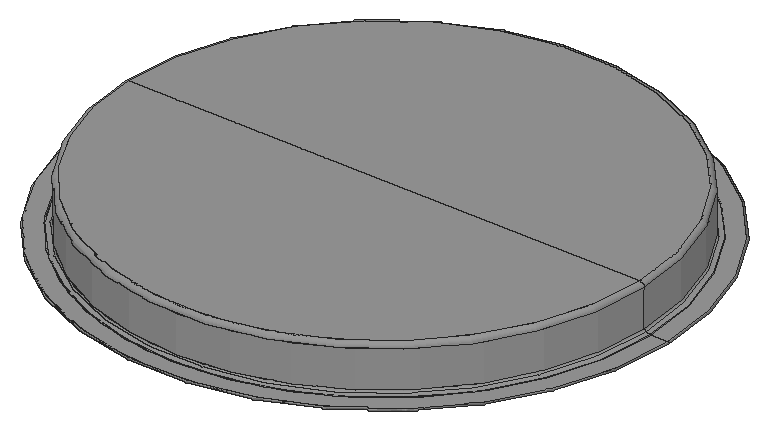
Revit family "MIA13_63_UN_Downlighter_ETK", category Lighting Fixtures, Revit 2017 (continued)
Definition of nested family "MIA.13 - Lightsource"
  Types (8, lengths in mm): name | Wattage | built-in parameter 1150134 | Photometric Web File | built-in parameter 1150142 | built-in parameter 1150105 | Lumens | built-in parameter 1150107 | built-in parameter 1150106
    MIA.1360.15 - Ø240 / 18W / 1980lm / 4000K | 13.3296 W | 12 | "MIA.1360.15_LDT.ies" | "IESNA91\r\n[MANUFAC]  www.etk.nl\r\n[LUMCAT] MIA.1360.15\r\n[LUMINAIRE] MIA.1 LED 18W 4000K ø240 1800Lm mat wit  \r\n[LAMP] LED\r\n[CHANGED] this file converted to 'ies' from 'ldt' by IES Viewer v2.99n    (C) Andrey Legotin\r\nTILT=NONE\r\n1 1890 1.89 101 36 1 2 0 -0.22 0\r\n1 1 18\r\n0 0.9 1.8 2.7 3.6 4.5 5.4 6.3 7.2 8.1 9 9.9 10.8 11.7 12.6 \r\n13.5 14.4 15.3 16.2 17.1 18 18.9 19.8 20.7 21.6 22.5 23.4 \r\n24.3 25.2 26.1 27 27.9 28.8 29.7 30.6 31.5 32.4 33.3 34.2 \r\n35.1 36 36.9 37.8 38.7 39.6 40.5 41.4 42.3 43.2 44.1 45 \r\n45.9 46.8 47.7 48.6 49.5 50.4 51.3 52.2 53.1 54 54.9 55.8 \r\n56.7 57.6 58.5 59.4 60.3 61.2 62.1 63 63.9 64.8 65.7 66.6 \r\n67.5 68.4 69.3 70.2 71.1 72 72.9 73.8 74.7 75.6 76.5 77.4 \r\n78.3 79.2 80.1 81 81.9 82.8 83.7 84.6 85.5 86.4 87.3 88.2 \r\n89.1 90 \r\n0 10 20 30 40 50 60 70 80 90 100 110 120 130 140 150 160 \r\n170 180 190 200 210 220 230 240 250 260 270 280 290 300 310 \r\n320 330 340 350 \r\n345.652 343.7612 343.769 344.0738 344.5113 345.0035 \r\n345.0035 344.3316 343.4409 342.183 340.386 338.5968 336.956 \r\n335.3543 334.073 333.2682 332.7135 331.8306 330.2992 \r\n328.7132 326.7287 324.3535 321.9236 318.9312 315.7669 \r\n313.087 311.0712 309.3835 307.6178 305.6333 303.6565 \r\n300.7813 297.492 294.0386 290.1711 286.1239 282.4674 \r\n279.4203 276.5997 273.7636 270.8884 268.0131 264.4113 \r\n260.5594 256.4575 251.8869 247.0271 242.3939 238.2295 \r\n234.1667 230.268 226.6427 223.0252 218.9312 214.6808 \r\n210.3133 205.7661 201.0938 196.2419 190.7571 185.2723 \r\n180.2953 175.7325 171.2243 166.8802 162.6143 158.0123 \r\n152.7932 147.2146 141.5501 135.5497 129.5414 123.8222 \r\n118.2436 112.8369 107.9069 103.3049 98.4374 92.976 87.2803 \r\n81.5689 75.8184 70.0602 64.841 59.8719 54.8949 49.7461 \r\n44.4566 39.1906 34.0417 28.9085 23.7675 18.6343 13.5011 \r\n9.7117 6.6568 3.6487 0.6407 0 0 0 \r\n345.652 344.4644 343.394 342.808 342.9018 343.269 343.4331 \r\n343.3315 343.0815 342.3236 341.0266 339.7062 337.4951 \r\n335.1746 333.2526 331.7837 330.5414 329.4867 328.7444 \r\n327.9084 326.3458 324.2675 322.0486 319.1343 316.0169 \r\n312.9541 309.9461 307.0552 304.6097 303.0002 301.3907 \r\n298.914 296.1872 293.2338 289.8195 286.1942 283.0143 \r\n280.4516 278.0373 275.6231 273.2088 268.3178 263.1299 \r\n258.4343 254.5199 250.9259 247.0193 242.6205 238.0342 \r\n233.4479 228.9007 224.3535 220.025 215.8919 211.7978 \r\n207.5475 203.1956 198.8046 194.3355 189.8039 185.1473 \r\n179.5453 173.9511 168.6225 163.4893 158.4499 153.5198 \r\n148.6991 143.8862 139.0812 134.2839 129.1898 123.369 \r\n117.4623 111.6259 105.852 100.2266 95.0152 90.2492 85.4051 \r\n79.9437 74.373 68.8413 63.3487 57.8717 52.8244 48.1366 \r\n43.3628 38.2999 32.9479 27.5959 22.4627 17.3217 12.8916 \r\n9.1413 5.7583 3.7034 3.1721 2.6486 2.1252 1.5939 \r\n345.652 345.8395 345.9723 345.9958 345.2692 344.191 \r\n342.9409 341.4173 339.8 338.5264 338.3077 338.0967 337.6201 \r\n337.0341 336.2372 334.8621 333.0963 331.0727 328.4632 \r\n325.7051 323.2206 321.361 319.5093 317.9702 316.5638 \r\n314.9699 312.9073 310.493 307.9381 304.8676 301.7423 \r\n298.328 294.6246 290.8821 288.1084 285.8348 283.4675 \r\n280.9048 278.178 275.2559 271.2009 267.1537 262.7549 \r\n258.0983 253.4651 249.371 245.6754 242.0658 238.6749 235.37 \r\n231.8775 227.4865 223.0877 218.3139 213.3135 208.3288 \r\n203.5784 199.0624 194.5777 190.1867 185.8192 181.2954 \r\n176.4825 171.6384 166.3646 160.8094 155.3246 150.1133 \r\n145.1598 140.175 134.8777 129.557 124.2519 118.9702 \r\n113.6886 108.5554 103.5472 98.3671 92.7651 86.8193 80.9126 \r\n75.6465 70.3805 65.3645 60.5907 55.8403 50.793 45.4332 \r\n40.0891 34.823 29.5961 24.4316 19.525 14.6418 10.5946 \r\n7.2193 4.0706 0.9141 0 0 0 \r\n345.652 344.4488 344.6754 345.0738 344.9957 344.48 343.6909 \r\n342.4408 340.5422 338.7061 337.417 336.3622 335.4793 \r\n335.0496 334.7449 333.8855 332.4713 330.7915 328.6663 \r\n325.9395 323.2049 320.7751 318.3842 316.306 314.6886 \r\n313.2667 311.454 309.1413 306.6802 303.7737 300.3985 \r\n297.0232 293.5151 289.9914 286.7724 283.9362 281.2642 \r\n278.4514 275.42 272.3494 269.0523 265.5911 261.9502 \r\n257.3639 252.5041 248.0428 244.0503 240.2922 236.7138 \r\n233.4948 230.268 226.088 221.6111 216.8998 211.6962 \r\n206.2817 201.2735 196.8435 192.5463 188.2491 183.9519 \r\n179.6468 174.7246 169.6383 164.38 158.8562 153.1995 147.785 \r\n142.8783 137.9952 133.0885 128.135 123.1815 117.9389 \r\n112.6182 107.3521 102.172 97.0154 91.6712 85.8348 80.0063 \r\n74.5293 69.2476 64.0128 58.8874 53.8089 48.8866 44.1831 \r\n39.55 34.7136 29.3617 24.0097 19.1343 14.4621 10.3211 \r\n7.4068 5.266 3.6722 3.219 3.0002 2.7893 \r\n345.652 343.8941 342.7377 342.0111 341.9564 342.1674 \r\n342.3236 342.3939 342.3392 341.7689 340.5344 339.2921 \r\n337.1357 334.823 332.8385 331.2915 329.9789 328.8069 \r\n327.9084 326.963 325.6114 323.9081 322.072 319.1577 \r\n315.9387 312.8526 309.9305 307.1412 304.7269 303.1487 \r\n301.5704 299.0937 296.2731 293.2651 289.8039 286.1317 \r\n282.4674 278.7874 275.1543 271.7712 268.8726 265.9739 \r\n262.5908 259.0593 255.2856 251.0821 246.6286 242.2142 \r\n237.878 233.5573 229.3617 225.3379 221.3142 217.3217 \r\n213.3292 209.2117 204.891 200.4219 195.7028 190.1633 \r\n184.6316 179.3734 174.3027 169.3648 165.1457 161.2782 \r\n157.0045 152.0431 146.7146 141.3079 135.6747 130.0492 \r\n124.4082 118.7749 113.3292 108.485 104.0472 99.3437 94.0542 \r\n88.5772 83.1393 77.7873 72.4353 67.3178 62.333 57.3404 \r\n52.2853 47.1677 42.097 37.1904 32.2994 27.674 23.3378 \r\n19.0327 14.7746 10.5399 6.3052 2.0705 0 0 0 \r\n345.652 345.6051 344.4175 343.0893 342.0423 341.222 \r\n340.5813 340.2766 340.4016 340.4407 339.7922 338.9249 \r\n337.792 336.1356 334.3464 332.2447 329.8695 327.6037 \r\n325.8301 324.6504 323.4784 322.1345 320.7751 318.9468 \r\n316.5169 313.8605 310.7821 307.1959 303.7034 300.6329 \r\n297.9373 295.2965 293.2651 291.3196 288.8351 285.7958 \r\n282.4518 278.7483 274.4824 270.2711 266.4739 262.919 \r\n259.4031 256.0513 252.7385 249.2382 245.527 241.722 237.792 \r\n233.6433 229.4945 224.5097 219.3374 214.3839 209.907 \r\n205.6411 201.3126 196.906 192.4916 188.1006 183.7409 \r\n179.3734 173.9277 168.2788 162.7471 157.3795 152.0978 \r\n147.1677 142.9252 138.6358 133.8933 128.7288 123.5331 \r\n118.0717 112.5322 107.2115 102.172 97.242 92.2181 86.9599 \r\n81.7017 76.3966 71.0759 65.7864 60.5829 55.434 50.5586 \r\n46.1052 41.7689 37.2607 32.3697 27.4787 22.7518 18.0717 \r\n13.837 10.4618 7.61 5.3598 4.3597 3.555 2.7502 \r\n345.652 344.0894 344.4097 344.9098 344.7613 344.3003 \r\n343.5268 342.2455 340.6672 339.0968 337.5654 336.0263 \r\n335.2606 334.9168 334.5418 333.6667 332.4635 331.0102 \r\n329.0257 326.8302 324.5019 321.7751 319.0562 316.8216 \r\n314.8215 312.8916 311.0009 309.1492 307.0865 304.305 \r\n301.4142 298.3671 295.1168 291.8353 288.3897 284.8504 \r\n281.4829 278.4593 275.7169 272.9432 269.9117 266.8802 \r\n263.2471 259.1218 254.8402 250.3242 245.6208 241.1829 \r\n237.3935 233.987 230.518 226.713 222.908 218.7124 214.2433 \r\n209.5867 204.5082 199.0312 193.7183 188.9757 184.4285 \r\n179.9281 175.5293 171.1306 166.3333 161.2548 156.1919 \r\n151.3087 146.613 141.8001 136.0341 130.1274 124.5332 \r\n119.3453 114.2746 109.1804 104.0628 99.0155 94.1402 89.4289 \r\n84.7019 79.3499 73.998 68.7163 63.5128 58.3874 53.6683 \r\n49.4179 45.1051 40.5657 35.8778 31.1977 26.4943 21.7908 \r\n17.6264 13.9386 10.4149 6.8834 3.3596 0 0 \r\n345.652 344.6519 344.7613 345.0113 344.5504 343.6987 \r\n342.6127 341.0891 339.2453 337.5576 336.8466 336.1434 \r\n335.5731 335.1121 334.6043 333.487 331.9087 330.0805 \r\n327.674 324.9473 322.283 319.9625 317.642 315.7747 314.212 \r\n312.626 310.7118 308.485 306.0708 302.9924 299.7109 \r\n296.3669 292.8823 289.3898 286.2255 283.2721 280.3813 \r\n277.5217 274.6933 271.8181 268.5288 265.1926 261.3642 \r\n256.9419 252.3635 247.8866 243.4878 239.3234 235.7606 \r\n232.6901 229.5648 225.2051 220.8454 216.1184 211.0634 \r\n205.8911 200.9063 196.1638 191.4837 186.8818 182.3971 \r\n177.9123 173.1698 168.3882 163.6222 158.903 154.1917 \r\n149.1523 143.4643 137.7998 132.3619 127.1349 121.9314 \r\n116.9857 112.1025 107.2896 102.5783 97.8592 92.851 87.1865 \r\n81.522 76.0841 70.7321 65.7864 62.2158 59.2703 56.3247 \r\n52.5432 46.8943 40.6672 34.5261 29.8539 25.1895 21.0016 \r\n17.2435 13.6573 10.3211 7.2584 4.1956 1.1329 0 \r\n345.652 343.0268 342.2142 341.7845 341.9798 342.4799 \r\n342.683 342.4564 341.9877 341.2063 339.6672 338.128 \r\n336.0653 333.8151 331.8462 330.5883 329.7836 328.9241 \r\n327.9319 326.8693 325.4082 323.2049 321.0095 318.1264 \r\n315.0012 312.04 309.4304 307.0474 304.7504 302.7502 \r\n300.7579 298.3514 295.609 292.8041 289.6789 286.3974 \r\n282.8737 278.9124 274.7402 270.7712 267.6459 264.5207 \r\n261.2392 257.8717 254.4418 250.8243 247.0818 243.0737 \r\n238.4796 233.6823 229.0023 224.7676 220.5329 216.7122 \r\n213.1026 209.3054 204.9301 200.0781 195.1559 190.007 \r\n184.8191 179.7953 175.0059 170.2399 165.4582 160.661 \r\n155.8403 150.9493 146.0036 140.9798 135.2606 129.5414 \r\n124.2128 119.2359 114.3292 109.2507 104.0316 98.8437 \r\n93.7261 88.6397 83.444 77.4748 71.4978 65.5207 60.7938 \r\n56.7701 52.8244 48.8632 44.8863 40.886 36.8232 32.5572 \r\n28.2913 24.1191 19.9937 16.0091 12.376 9.0398 5.6958 2.3517 \r\n0 \r\n345.652 347.9803 348.6757 349.1679 349.1523 348.6835 \r\n347.9412 346.7224 344.8629 343.0971 342.058 341.261 \r\n340.5891 340.1985 339.8937 339.0968 337.8311 336.3466 \r\n334.4636 332.0806 329.6976 327.0802 324.4472 322.2596 \r\n320.7047 319.4 317.7045 315.4934 313.1963 310.6415 307.8287 \r\n304.9535 301.1407 297.2185 293.7573 290.8274 288.1475 \r\n285.5457 283.069 280.4985 277.1779 273.4042 269.4976 \r\n264.9895 260.3172 256.0747 252.3088 248.7304 245.1598 \r\n241.6361 238.1124 233.8776 229.4789 224.8848 219.9156 \r\n214.7824 209.8289 205.141 200.5313 196.0466 191.7494 \r\n187.4443 182.694 177.8498 173.0213 168.2085 163.4112 \r\n158.3014 152.5588 146.8474 141.4876 136.4872 131.5103 \r\n126.9396 122.4861 117.6811 112.415 106.899 101.336 95.6403 \r\n89.9523 84.6394 79.4906 74.4902 69.9664 65.6614 61.1532 \r\n56.3169 51.379 46.4724 41.6439 36.8154 32.7291 28.8773 \r\n25.0332 21.0954 17.1029 13.1182 9.1257 5.1332 1.1407 \r\n345.652 347.1756 346.3396 345.6598 345.5192 345.5817 \r\n345.6911 345.863 345.9411 345.6208 344.5582 343.4956 \r\n342.0111 340.2297 338.378 336.5185 334.6668 332.9323 \r\n331.565 330.5727 329.5882 328.01 326.4005 324.2988 321.6267 \r\n318.7358 315.6418 312.2978 309.1492 306.7271 304.9066 \r\n303.0237 300.6876 298.2889 295.4293 292.0931 288.5069 \r\n284.6238 280.2953 276.0528 272.4979 269.2788 266.0833 \r\n262.9346 259.8094 256.3013 252.3947 248.3553 244.2535 \r\n240.0422 235.8387 230.9555 225.9552 221.2204 216.9466 \r\n212.8604 208.8679 204.9848 201.0079 196.5544 191.5384 \r\n186.5146 180.9594 175.3262 169.8492 164.591 159.4578 \r\n154.6449 150.4414 146.1599 141.3392 136.0497 130.7133 \r\n125.0879 119.3843 113.9386 108.8366 103.8831 98.9062 93.898 \r\n88.8819 83.7253 78.5139 73.4354 68.7866 64.3332 59.6453 \r\n54.6136 49.5195 44.6207 40.1047 35.5887 31.1665 26.7755 \r\n22.5955 18.8296 15.3059 11.8369 8.4772 5.141 1.797 \r\n345.652 346.3005 347.2224 348.1053 348.285 348.1288 347.66 \r\n346.6521 345.3473 343.9409 342.1752 340.4094 339.5031 \r\n339.0343 338.6046 337.9639 337.1904 336.0809 334.2292 \r\n332.1197 329.7914 326.8849 323.9784 321.5876 319.439 \r\n317.4857 315.8762 314.5246 312.9073 310.3524 307.6568 \r\n304.516 300.836 297.0935 293.6323 290.3117 287.1709 \r\n284.3503 281.772 279.0843 275.7481 272.4041 268.8882 \r\n265.2395 261.4814 257.1451 252.3791 247.8162 243.73 \r\n239.8859 236.0341 232.0728 228.1116 224.1347 220.1422 \r\n215.97 211.2118 205.9067 200.6407 195.5387 190.4993 \r\n185.8192 181.8658 177.9983 173.4432 168.4507 163.3018 \r\n157.9577 152.4338 146.9646 141.933 136.956 131.9009 \r\n126.7521 121.5876 116.4622 111.3681 106.2114 100.8751 \r\n95.4059 89.9602 85.1004 80.2485 75.2715 70.2008 65.1223 \r\n60.1844 55.395 50.6836 46.2536 41.9798 37.6201 32.9323 \r\n28.1975 23.6581 19.2828 14.9465 10.618 6.2896 1.9533 0 \r\n345.652 345.4332 345.3004 345.1754 345.3785 345.8083 \r\n346.1599 346.0974 345.5817 344.941 343.3784 341.6126 \r\n339.7609 337.7608 335.7294 334.4714 333.9011 333.2839 \r\n332.3072 330.9868 329.6586 327.3381 325.002 322.408 \r\n319.5406 316.5872 313.962 311.7275 309.5164 307.4146 \r\n305.4067 303.3206 300.6954 297.9998 294.7183 290.8821 \r\n286.8583 282.9752 279.2953 275.67 272.5135 269.5757 \r\n266.5833 263.4346 260.2469 256.4966 252.1681 247.6365 \r\n242.9174 237.9405 232.9557 229.2914 225.8301 222.1892 \r\n218.1967 214.0714 209.5867 204.641 199.6718 194.7808 \r\n189.9836 185.1863 180.1703 175.1152 170.1617 165.3332 \r\n160.5594 155.6372 150.4493 145.277 140.2297 135.284 \r\n130.2524 124.7051 119.0093 113.5479 108.3522 103.3206 \r\n98.4686 93.9917 89.507 84.2253 78.6546 73.1151 67.724 \r\n62.4033 57.4264 52.9416 48.5507 44.0347 39.2687 34.5027 \r\n29.6429 24.7597 20.0797 15.7747 11.6728 8.2272 6.1099 \r\n4.1097 2.1017 \r\n345.652 347.8631 348.0272 347.9334 347.1365 345.9333 \r\n344.6754 343.4956 342.5424 341.9252 341.3079 341.011 \r\n340.8157 340.3703 339.2921 337.9327 336.2685 334.1667 \r\n331.9478 329.6117 327.0959 324.58 323.0643 321.7908 \r\n320.4157 318.814 317.0795 314.9387 311.9775 308.946 \r\n305.6645 302.0939 298.5311 295.6793 293.0541 290.4446 \r\n287.8428 285.2567 282.4596 278.9359 275.2559 271.4821 \r\n267.5678 263.6378 259.489 255.2231 251.0977 247.3084 \r\n243.8159 240.3078 236.706 233.0963 228.9945 224.4238 \r\n219.7203 214.673 209.3445 204.2738 199.8047 195.734 \r\n191.6243 187.2021 182.7721 177.967 172.8729 167.6459 \r\n162.1767 156.481 150.9337 145.9567 141.222 136.4325 \r\n131.4868 126.5255 121.3298 115.9544 110.6258 105.5082 \r\n100.6407 95.695 90.0852 84.366 78.8265 73.5448 68.3413 \r\n63.2159 58.1686 53.2073 48.4647 43.9331 39.4093 34.3933 \r\n29.3851 24.5332 19.8531 15.2903 11.3915 8.2663 5.141 2.0158 \r\n0 \r\n345.652 345.863 346.4568 347.0974 347.199 346.8005 346.1286 \r\n345.0895 343.5425 342.0111 340.5813 339.1827 338.0655 \r\n337.5811 337.2763 336.5263 335.3387 333.9558 332.276 \r\n330.2055 328.135 325.3145 322.4158 319.8531 317.8608 \r\n316.095 314.3917 312.751 310.9852 308.6569 305.7192 \r\n302.7737 299.0624 295.2574 291.7025 288.46 285.3817 \r\n282.4596 279.8344 277.1467 274.0058 270.5368 266.9662 \r\n262.8018 258.4733 254.1761 249.918 245.7145 241.6283 \r\n237.792 233.9558 230.0492 226.127 222.1502 218.0561 \r\n213.9151 209.321 204.0941 198.7421 193.5307 188.5616 \r\n183.5925 179.4281 175.4668 171.2087 166.388 161.2548 \r\n155.9966 150.4961 144.9723 139.3625 133.6667 127.9709 \r\n123.1424 118.5483 113.7511 108.6335 103.3362 97.953 92.3197 \r\n86.6865 81.4282 76.3732 71.3103 66.1145 60.8563 55.6762 \r\n50.6055 45.6208 40.7766 36.2919 31.815 26.9787 22.0017 \r\n17.1732 12.8369 8.8132 5.6489 4.3128 3.4143 2.5158 \r\n345.652 344.7066 345.2926 345.9489 346.2614 346.4177 \r\n346.1911 345.4098 344.3785 343.0034 340.9251 338.8546 \r\n337.7764 336.9873 336.3075 335.7215 335.1981 334.323 \r\n332.7057 330.9477 328.6976 325.7598 322.8221 320.4313 \r\n318.2124 316.1888 314.4855 312.9698 311.204 308.696 \r\n306.1958 303.0627 299.539 295.9762 292.4525 288.9601 \r\n285.7176 282.8893 280.2563 277.5061 274.4121 271.3181 \r\n267.8412 264.1769 260.3016 255.895 251.129 246.5974 \r\n242.5736 238.7061 234.9793 231.5962 228.2053 224.0878 \r\n219.6578 214.9934 209.9695 204.6722 199.414 194.2964 \r\n189.1867 184.6863 180.8188 177.0295 172.4119 167.3725 \r\n162.1767 156.6841 150.9962 145.4098 140.4328 135.4481 \r\n130.3461 125.1582 119.9312 114.6027 109.1882 103.8753 \r\n98.7968 93.8198 88.6944 82.9362 77.1701 71.6228 66.2083 \r\n60.9657 56.1528 51.7306 47.1521 42.0267 36.7607 31.565 \r\n26.4943 21.4392 16.6966 12.1494 7.6334 3.1174 0 0 0 \r\n345.652 347.6443 347.3162 346.699 345.8786 344.6363 \r\n343.1284 341.9252 341.347 340.8938 340.5266 340.3078 \r\n340.0969 339.2453 338.1905 336.9169 335.3153 333.5026 \r\n331.6822 329.8539 327.9006 325.5879 323.2753 321.4314 \r\n319.814 318.0483 315.845 313.2667 310.5868 307.5006 304.18 \r\n300.8673 297.7342 294.6324 291.8197 289.421 287.2412 \r\n284.6472 281.2017 277.6701 273.6464 269.0991 264.5988 \r\n260.7782 257.1607 253.6683 250.3555 247.1052 243.5815 \r\n239.4015 235.2293 230.9555 226.6349 222.197 217.306 \r\n212.1963 207.3521 202.8987 198.578 194.1792 189.5695 \r\n184.9598 180.35 175.7481 170.8884 165.4661 159.
